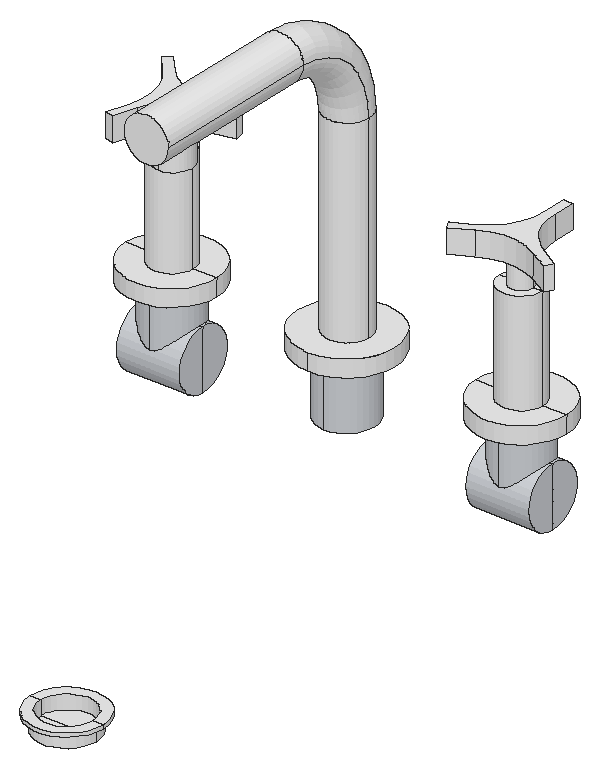
Revit family "2017_Fontaneria_FV-SA_Triades_0207-C3_Juego-Lavatorio", category Plumbing Fixtures, Revit 2017
Family settings
  Round Connector Dimension = Use Diameter
  Part Type = Normal
  OmniClass Number = 23.45.55.17
  OmniClass Title = Mixing Faucets
  Work Plane-Based = No
  Always vertical = Yes
  Cut with Voids When Loaded = No
  Shared = No
  Room Calculation Point = No
Parameters
  X [instance] = if(Conexión > 20 mm, 45 mm, Conexión + 25 mm)  # 35 mm
  VidaUtilEsperada = ""
  VersionElementoBIM = "V01"  # constant formula
  UnidadMedicion = ""
  UnidadMantenimiento = ""
  Unidad = ""
  Uniclass2.0Titulo = "Bath manual valves"  # constant formula
  Uniclass2.0Codigo = "40-30-96-06"  # constant formula
  URLProducto = "http://www.fvsa.com/productos/juego-para-lavatorio-c3-triades-0207-c3"
  URL = "http://www.fvsa.com/"
  UNSPSCTitulo = "Faucets or taps"  # constant formula
  UNSPSCCodigo = "30181700"  # constant formula
  Type Comments = "Apto para calefón y/o termotanque."
  TrabajoMantenimiento = ""
  TipoEmbalajeProteccion = ""
  TiempoMedioEntreFallos = ""
  TelefonoContacto = "0810-555-5300"  # constant formula
  ResistenciaAlViento = ""
  ResiduosPeligrososPorUnidad = 0
  ResiduosPeligrosos  = 0
  ResiduosNoPeligrososPorUnidad = 0
  ResiduosNoPeligrosos  = 0
  ResiduoRadioactivoPorUnidad = 0
  ResiduoRadioactivo = 0
  ResiduoInertePorUnidad = 0
  ResiduoInerte = 0
  ReferenciaUnidadFuncional = ""
  ReferenciaLote = ""
  ReferenciaContacto = ""
  Referencia = "0207/C3"  # constant formula
  PuntoDeContacto = ""
  PeriodoGarantia = ""
  OmniclassTitulo = "Faucet Mixing Valves"  # constant formula
  OmniclassCodigo = "23-31 11 19"  # constant formula
  NumeroSerie = "0207/C3"  # constant formula
  NumeroArticuloGlobalComercial = ""
  NumeroArticulo = ""
  NormativaMantenimiento = ""
  NivelTrabajoEjecucion = ""
  NivelMantenimiento = ""
  NivelDeDiseño = ""
  Model = "C3 Triades"  # constant formula
  MaterialEnvase = ""
  MaterialContenedor = ""
  Material = Acero, Cromado
  MateriaPrima = 0.00%
  MasterformatTitulo = "Residential Faucets, Supplies, and Trim"  # constant formula
  MasterformatCodigo = "22 41 39"  # constant formula
  MasaSuperficialKgm2 = 0
  Manufacturer = "FV S.A."  # constant formula
  LugarEnsamblaje = ""
  InstruccionesEspeciales = ""
  InformacionTecnica = "http://www.fvsa.com/productos/juego-para-lavatorio-c3-triades-0207-c3/despiece"
  IdentificadorGarantia = ""
  IFCClasificacion = "IfcValve"
  GarantiaExtendida = no
  FrecuenciaMantenimiento = ""
  FormacionFotoquimicaOzonoPorUnidad = 0
  FormacionFotoquimicaOzono = 0
  Flujo Desagüe = 0.0 L/s
  Flujo Agua Fria = 0.0 L/s
  Flujo Agua Caliente = 0.0 L/s
  FechaVencimientoElementoBIM = "28/08/2019"  # constant formula
  FechaInstalacion = ""
  FechaInicioGarantia = ""
  FechaFinGarantia = ""
  FechaEvaluacion = ""
  FechaEmisionElementoBIM = "28/08/2018"  # constant formula
  FechaCompra = ""
  FaseCicloVida = ""
  FaltaDeRecursosPorUnidad = 0
  FaltaDeRecursos = 0
  Exclusiones = ""
  EutrofizacionPorUnidad = 0
  Eutrofizacion = 0
  EtiquetaModelo = ""
  EstanqueidadAgua = ""
  EnergiaRenovableConsumidaPorUnidad = 0
  EnergiaRenovableConsumida = 0
  EnergiaPrimariaTotalConsumidaPorUnidad = 0
  EnergiaNoRenovableConsumidaPorUnidad = 0
  EnergiaNoRenovableConsumida = 0
  EmisionCO2 = 0
  EmailContacto = "fvresponde@fvsa.com"  # constant formula
  DuracionVidaUtil = ""
  Distancia entre llaves y desagüe [instance] = 200 mm
  Distancia Grifo de llaves = 100 mm
  Desfase grifo de llaves [instance] = 0 mm
  DestruccionCapaOzonoEstratosfericaPorUnidad = 0
  DestruccionCapaOzonoEstratosferica = 0
  Description = "Juego para lavatorio. Desagüe con tapita"  # constant formula
  DescripcionEvaluacion = ""
  Desagüe [instance] = yes
  CosteMantenimiento = 0
  CosteEnergeticoMj = 0 J
  CosteEnergeticoKwh = 0
  ContenidoGarantia = "5 años"  # constant formula
  Conexión [instance] = 10 mm
  CondicionesMantenimiento = ""
  CondicionesGeneralesDeContratacion = ""
  CondicionesEvaluacion = ""
  CodigoBedec = ""
  CodigoBarras = ""
  CertificadoMantenimiento = ""
  CambioClimaticoPorUnidad = 0
  CambioClimatico = 0
  CalidadComponentes = ""
  COBieCategoria = ""
  Bimetica = "http://www.bimetica.com"
  AñoProduccion = ""
  Autor = "Bimetica Parametric Design Services S.L."  # constant formula
  AmbienteInterior = ""
  AmbienteExterior = ""
  Altura entre Grifo y Llaves con Desagüe [instance] = 100 mm
  Altura de colocación [instance] = 100 mm
  Altura = 182 mm
  AguaConsumidaPorUnidad = 0
  AguaConsumida = 0
  AcidificacionAtmosfericaPorUnidad = 0
  AcidificacionAtmosferica = 0
Reference planes
  plane 1 "Centro (Frontal/Posterior)": y = 0
  plane 2: z = 0
  plane 3 "Centro (Izquierda/Derecha)": x = 0
  plane 4 "Altura Llaves": z = 100
  plane 5 "Altura Desagüe": z = 0
  plane 6 "Desagüe": y = -200
  plane 7: z = 282
  plane 8 "Llaves": y = 0
  plane 9: x = -100
  plane 10: x = 100
  plane 11 "Conexión": z = 90
Forms (mm)
  Revolve 1, solid, material "Acero, Cromado" <- "Material", detail levels medium+fine
    sketch origin (0, 0, 0) x (1, 0, 0) y (0, 0, 1)
      loop
        line (-126.033, 109.6) -> (-126.033, 100) -> (-100, 100) -> (-100, 181.394) -> (-107.783, 181.394)
        arc (-107.783, 181.394) -> (-107.076, 181.101) -> (-106.783, 180.394) r 1
        line (-106.783, 180.394) -> (-106.783, 168.194) -> (-112.283, 168.194) -> (-112.283, 109.6) -> (-126.033, 109.6)
      axis (-100, 100) -> (-100, 181.394)
    angle from 0 to 360
  Revolve 2, solid, material "Acero, Cromado" <- "Material", detail levels medium+fine
    sketch origin (184.979, 0, 0) x (1, 0, 0) y (0, 0, 1)
      loop
        line (-111.012, 109.6) -> (-111.012, 100) -> (-84.979, 100) -> (-84.979, 181.394) -> (-92.762, 181.394)
        arc (-92.762, 181.394) -> (-92.055, 181.101) -> (-91.762, 180.394) r 1
        line (-91.762, 180.394) -> (-91.762, 168.194) -> (-97.262, 168.194) -> (-97.262, 109.6) -> (-111.012, 109.6)
      axis (-84.979, 100) -> (-84.979, 181.394)
    angle from 0 to 360
  Revolve 3, solid, material "Acero, Cromado" <- "Material", visible <- "Desagüe", detail levels medium+fine
    sketch origin (0, -200, 0) x (-1, 0, 0) y (0, 0, 1)
      loop
        line (15, 2) -> (15, -6) -> (0, -6) -> (0, -8) -> (17, -8) -> (17, 0) -> (21, 0) -> (21, 2) -> (15, 2)
      axis (0, 2) -> (0, -8)
    angle from 0 to 360
  Extrusion 4, solid, material "Acero, Cromado" <- "Material", detail levels coarse+medium
    sketch origin (0, 943.685, 100) x (0, 1, 0) y (-1, 0, 0)
      loop
        circle (-943.685, 100) r 20
      loop
        circle (-943.685, -100) r 20
    from 10 to 54.245
  Extrusion 5, solid
    sketch origin (0, 943.685, 100) x (0, 1, 0) y (-1, 0, 0)
      loop
        circle (-943.685, 100) r 16
      loop
        circle (-943.685, 0) r 16
      loop
        circle (-943.685, -100) r 16
    from 0 to -35
  Revolve 6, solid
    sketch origin (0, 0, 0) x (1, 0, 0) y (0, 0, 1)
      loop
        line (-118, 65) -> (-82, 65) -> (-82, 82) -> (-118, 82) -> (-118, 65)
      loop
        line (82, 65) -> (118, 65) -> (118, 82) -> (82, 82) -> (82, 65)
      axis (-118, 65) -> (118, 65)
    angle from 0 to 360
  Extrusion 7, solid, material "Acero, Cromado" <- "Material", detail levels fine
    sketch origin (0, 943.685, 100) x (0, 1, 0) y (-1, 0, 0)
      loop
        line (-920.628, 124.349) -> (-930.182, 115.66)
        arc (-930.182, 115.66) -> (-945.387, 107.817) -> (-962.477, 108.627) r 33.053
        line (-962.477, 108.627) -> (-974.779, 112.556) -> (-976.3, 107.793) -> (-963.999, 103.864)
        arc (-963.999, 103.864) -> (-949.603, 94.617) -> (-941.76, 79.412) r 33.053
        line (-941.76, 79.412) -> (-939.012, 66.794) -> (-934.126, 67.858) -> (-936.874, 80.476)
        arc (-936.874, 80.476) -> (-936.064, 97.566) -> (-926.818, 111.961) r 33.053
        line (-926.818, 111.961) -> (-917.264, 120.65) -> (-920.628, 124.349)
      loop
        line (-962.57, -72.29) -> (-956.113, -83.474)
        arc (-956.113, -83.474) -> (-951.685, -100) -> (-956.113, -116.526) r 33.053
        line (-956.113, -116.526) -> (-962.57, -127.71) -> (-958.24, -130.21) -> (-951.783, -119.026)
        arc (-951.783, -119.026) -> (-939.685, -106.928) -> (-923.159, -102.5) r 33.053
        line (-923.159, -102.5) -> (-910.245, -102.5) -> (-910.245, -97.5) -> (-923.159, -97.5)
        arc (-923.159, -97.5) -> (-939.685, -93.072) -> (-951.783, -80.974) r 33.053
        line (-951.783, -80.974) -> (-958.24, -69.79) -> (-962.57, -72.29)
    from 81.394 to 95.014
  Sweep 8, solid, material "Acero, Cromado" <- "Material"
    path origin (0, 0, 0) x (0, 1, 0) y (0, 0, 1)
      loop
        line (-142.996, 282) -> (-46.997, 282)
        arc (-46.997, 282) -> (-4.571, 264.426) -> (13.003, 222) r 60
        line (13.003, 222) -> (13.003, 100)
    profile origin (0, 13.003, 161) x (1, 0, 0) y (0, 1, 0)
      loop
        circle (0, -12.694) r 12.694
  Extrusion 9, solid, material "Acero, Cromado" <- "Material", detail levels medium+fine
    sketch origin (0, 943.685, 100) x (0, 1, 0) y (-1, 0, 0)
      loop
        circle (-943.685, 0) r 27.694
    from 0 to 9.6
  Extrusion 10, solid, material "Acero, Cromado" <- "Material", detail levels fine
    sketch origin (0, 943.685, 282) x (0, 1, 0) y (-1, 0, 0)
      loop
        circle (-1067.681, 0) r 10.4
    from -32.159 to -12.694
Lines and regions (mm)
  model lines, detail levels coarse
    curve 1: circle (0, -200, 0) r 21 normal (0, 0, 1)
Dimensions and locks
  "Distancia entre llaves y desagüe": plane 6 "Desagüe" to plane 1 "Centro (Frontal/Posterior)"
  "Altura": plane 7 to plane 4 "Altura Llaves"
  "Desfase grifo de llaves": plane 8 "Llaves" to plane 1 "Centro (Frontal/Posterior)"
  "Distancia Grifo de llaves": plane 9 to plane 3 "Centro (Izquierda/Derecha)"
  "Distancia Grifo de llaves": plane 3 "Centro (Izquierda/Derecha)" to plane 10
  "Altura de colocación": plane 4 "Altura Llaves" to plane 2
  "Altura entre Grifo y Llaves con Desagüe": plane 4 "Altura Llaves" to plane 5 "Altura Desagüe"
  Revolve 3 sketch curve to Revolve 3 sketch curve to Revolve 3 sketch curve to Revolve 3 sketch curve = 4 mm locked, 2 mm locked, 15 mm locked
  Revolve 3 sketch curve to plane 5 "Altura Desagüe" to Revolve 3 sketch curve to Revolve 3 sketch curve = 2 mm locked, 6 mm locked, 2 mm locked
  "X": plane 4 "Altura Llaves" to Extrusion 5
  "X": plane 4 "Altura Llaves" to Revolve 6 sketch curve
  locked: Revolve 6 sketch curve to Revolve 6 sketch curve at 17
  Revolve 6 sketch curve to plane 9 to Revolve 6 sketch curve = 18 mm locked, 18 mm locked
  Revolve 6 sketch curve to plane 10 to Revolve 6 sketch curve = 18 mm locked, 18 mm locked
  "Conexión": plane 4 "Altura Llaves" to plane 11 "Conexión"
  Extrusion 7 sketch curve to Extrusion 7 sketch curve to Extrusion 7 sketch curve to Extrusion 7 sketch curve to Extrusion 7 sketch curve to plane 9 to Extrusion 7 sketch curve to Extrusion 7 sketch curve to Extrusion 7 sketch curve to Extrusion 7 sketch curve = 15.763 mm locked, 3.699 mm locked, 8.094 mm locked, 4.763 mm locked, 7.793 mm locked, 12.491 mm locked, 15.131 mm locked, 4.521 mm locked, 1.064 mm locked
  Extrusion 7 sketch curve to Extrusion 7 sketch curve to Extrusion 7 sketch curve to Extrusion 7 sketch curve to plane 10 to Extrusion 7 sketch curve to Extrusion 7 sketch curve to Extrusion 7 sketch curve to Extrusion 7 sketch curve to Extrusion 7 sketch curve = 5.342 mm locked, 2.5 mm locked, 25.21 mm locked, 2.5 mm locked, 0 mm locked, 2.5 mm locked, 25.21 mm locked, 2.5 mm locked, 5.342 mm locked
  Extrusion 7 sketch curve to Extrusion 7 sketch curve to Extrusion 7 sketch curve to Extrusion 7 sketch curve to plane 8 "Llaves" to Extrusion 7 sketch curve to Extrusion 7 sketch curve to Extrusion 7 sketch curve to Extrusion 7 sketch curve to Extrusion 7 sketch curve = 1.521 mm locked, 0.724 mm locked, 21.635 mm locked, 8.736 mm locked, 4.673 mm locked, 4.885 mm locked, 13.498 mm locked, 3.364 mm locked, 12.685 mm locked
  Extrusion 7 sketch curve to Extrusion 7 sketch curve to Extrusion 7 sketch curve to Extrusion 7 sketch curve to Extrusion 7 sketch curve to plane 8 "Llaves" to Extrusion 7 sketch curve to Extrusion 7 sketch curve to Extrusion 7 sketch curve = 22.167 mm locked, 0 mm locked, 4.33 mm locked, 0 mm locked, 14.555 mm locked, 20.526 mm locked, 0 mm locked, 12.914 mm locked
  locked: Extrusion 10 sketch curve to plane 1 "Centro (Frontal/Posterior)" at 123.996
  aligned and locked: level to plane 2
  aligned and locked: Revolve 1 sketch curve to plane 9
  aligned and locked: Revolve 1 sketch curve to Revolve 1 sketch curve
  aligned and locked: plane 4 "Altura Llaves" to Revolve 1 sketch curve
  aligned and locked: Revolve 2 sketch curve to plane 10
  aligned and locked: Revolve 2 sketch curve to Revolve 2 sketch curve
  aligned and locked: plane 4 "Altura Llaves" to Revolve 2 sketch curve
  aligned and locked: plane 3 "Centro (Izquierda/Derecha)" to Revolve 3 sketch curve
  aligned and locked: Revolve 3 sketch curve to Revolve 3 sketch curve
  aligned and locked: Revolve 3 sketch curve to plane 5 "Altura Desagüe"
  aligned and locked: plane 3 "Centro (Izquierda/Derecha)" to curve 1
  aligned and locked: plane 6 "Desagüe" to curve 1
  aligned and locked: plane 8 "Llaves" to Extrusion 4 sketch curve  (x2)
  aligned and locked: plane 10 to Extrusion 4 sketch curve
  aligned and locked: plane 9 to Extrusion 4 sketch curve
  aligned and locked: plane 9 to Extrusion 5 sketch curve
  aligned and locked: plane 3 "Centro (Izquierda/Derecha)" to Extrusion 5 sketch curve
  aligned and locked: plane 10 to Extrusion 5 sketch curve
  aligned and locked: plane 1 "Centro (Frontal/Posterior)" to Extrusion 5 sketch curve
  aligned and locked: plane 8 "Llaves" to Extrusion 5 sketch curve  (x2)
  aligned and locked: Revolve 6 sketch curve to Revolve 6 sketch curve  (x3)
  aligned and locked: plane 3 "Centro (Izquierda/Derecha)" to Extrusion 9 sketch curve
  aligned and locked: plane 1 "Centro (Frontal/Posterior)" to Extrusion 9 sketch curve
  aligned and locked: plane 3 "Centro (Izquierda/Derecha)" to Extrusion 10 sketch curve
Automatic sketch dimensions
  Revolve 3 sketch curve to level = 366.045 mm
  plane 7 to Revolve 3 sketch curve = 1914.315 mm
  Extrusion 7 sketch curve to Extrusion 7 sketch curve = 6.457 mm  (x2)
  plane 9 to Extrusion 7 sketch curve = 3.864 mm
  Extrusion 7 sketch curve to Extrusion 7 sketch curve = 1.521 mm
  Extrusion 7 sketch curve to plane 1 "Centro (Frontal/Posterior)" = 1.925 mm
  Extrusion 7 sketch curve to Extrusion 7 sketch curve = 4.885 mm
  Extrusion 7 sketch curve to Extrusion 7 sketch curve = 3.364 mm
  Extrusion 7 sketch curve to Extrusion 7 sketch curve = 9.554 mm
  Extrusion 7 sketch curve to Extrusion 7 sketch curve = 2.5 mm  (x2)
  plane 9 to Revolve 1 sketch curve = 6.783 mm
  Revolve 1 sketch curve to Revolve 1 sketch curve = 1 mm  (x3)
  Revolve 1 sketch curve to Revolve 1 sketch curve = 5.5 mm
  Revolve 1 sketch curve to Revolve 1 sketch curve = 13.75 mm
  plane 4 "Altura Llaves" to Revolve 1 sketch curve = 9.6 mm
  Revolve 1 sketch curve to Revolve 1 sketch curve = 58.594 mm
  Revolve 1 sketch curve to Revolve 1 sketch curve = 13.2 mm
  Revolve 1 sketch curve to level = 304.8 mm
  plane 7 to Revolve 1 sketch curve = 1060.067 mm
  Revolve 2 sketch curve to plane 10 = 6.783 mm
  Revolve 2 sketch curve to Revolve 2 sketch curve = 1 mm  (x3)
  Revolve 2 sketch curve to Revolve 2 sketch curve = 5.5 mm
  Revolve 2 sketch curve to Revolve 2 sketch curve = 13.75 mm
  plane 4 "Altura Llaves" to Revolve 2 sketch curve = 9.6 mm
  Revolve 2 sketch curve to Revolve 2 sketch curve = 58.594 mm
  Revolve 2 sketch curve to Revolve 2 sketch curve = 12.2 mm
  Revolve 2 sketch curve to level = 304.8 mm
  plane 7 to Revolve 2 sketch curve = 1060.067 mm
  Sweep 8 sketch curve to plane 7 = 0 mm
  Sweep 8 sketch curve to plane 4 "Altura Llaves" = 0 mm
  plane 1 "Centro (Frontal/Posterior)" to Sweep 8 sketch curve = 46.997 mm
  Sweep 8 sketch curve to plane 1 "Centro (Frontal/Posterior)" = 13.003 mm
  plane 6 "Desagüe" to Sweep 8 sketch curve = 57.004 mm
  Sweep 8 sketch curve to plane 3 "Centro (Izquierda/Derecha)" = 0 mm
  profile plane to Sweep 8 sketch curve = 12.694 mm
  Revolve 6 sketch curve to Revolve 6 sketch curve = 55.976 mm
  Revolve 6 sketch curve to Revolve 6 sketch curve = 38.045 mm
  radius of curve 1 = 21 mm
  radius of Extrusion 4 sketch curve = 20 mm  (x2)
  radius of Extrusion 5 sketch curve = 16 mm  (x3)
  radius of Sweep 8 sketch curve = 12.694 mm
  radius of Extrusion 9 sketch curve = 27.694 mm
  radius of Extrusion 10 sketch curve = 10.4 mm
Connectors
  piping at (-118, 0, 65), diameter 25, driven by "Flujo Agua Caliente"
    settings: on Revolve 6, index 1, connector inside diameter 609.6 mm, connector length 0 mm, flow factor 0, pipe flow 0.0 L/s, pressure drop 0.0 Pa, fitting loss kfactor 0, connector angle 0.00°, fixture units 0, engagement length 0 mm, angle of deflection 0.00°, flow configuration 0, flow direction 1, fitting loss method 0, system type 19, joint type 0, gender type 0, connector reference index -1, connector utility 0, adjustable connector no, is connector primary yes, connector description "Entrada llave agua caliente"
  piping at (118, 0, 65), diameter 25, driven by "Flujo Agua Fria"
    settings: on Revolve 6, index 2, connector inside diameter 609.6 mm, connector length 0 mm, flow factor 0, pipe flow 0.0 L/s, pressure drop 0.0 Pa, fitting loss kfactor 0, connector angle 0.00°, fixture units 0, engagement length 0 mm, angle of deflection 0.00°, flow configuration 0, flow direction 1, fitting loss method 0, system type 20, joint type 0, gender type 0, connector reference index -1, connector utility 0, adjustable connector no, is connector primary no, connector description "Entrada llave agua fria"
  piping at (0, -200, -8), diameter 27, driven by "Flujo Desagüe"
    settings: on Revolve 3, index 3, connector inside diameter 609.6 mm, connector length 0 mm, flow factor 0, pipe flow 0.0 L/s, pressure drop 0.0 Pa, fitting loss kfactor 0, connector angle 0.00°, fixture units 0, engagement length 0 mm, angle of deflection 0.00°, flow configuration 0, flow direction 2, fitting loss method 0, system type 16, joint type 0, gender type 0, connector reference index -1, connector utility 0, adjustable connector no, is connector primary no, connector description "Desagüe"
